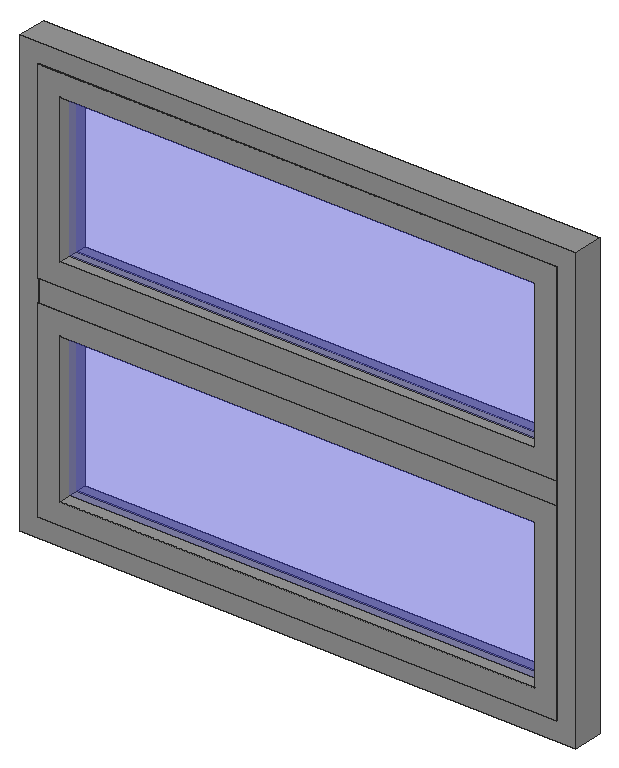
Revit family "Family14", category Windows, host Wall, Revit 2018
Family settings
  Host = Wall
  OmniClass Number = 23.30.20.00
  OmniClass Title = Windows
  Always vertical = Yes
  Cut with Voids When Loaded = No
  Shared = No
  Room Calculation Point = No
Parameters
  Window Thickness = 84 mm
  Window = White
  Visual Light Transmittance = 0.81
  URL = "www.skywardwindows.co.za"
  Thermal Resistance (R) = 0.3196 (m²·K)/W
  Telephone = "021 276 1800"
  Solar Heat Gain Coefficient = 0.76
  Manufacturer = "Skyward Windows"
  Keynote = ""
  Height = 1190 mm
  Heat Transfer Coefficient (U) = 3.1292 W/(m²·K)
  Glass = Glass
  Email Address = "info@skywardwindows.co.za"
  Default Sill Height = 800 mm
  Wall Closure = By host
  Width = 1490 mm
  Company Address = "Charles Matthews Street Atlantis 7349"
  Analytic Construction = "Double glazing - domestic"
Reference planes
  plane 1 "Center (Front/Back)": y = 0
  plane 2 "Center (Left/Right)": x = 0
  plane 3 "Left": x = -745
  plane 4 "Right": x = 745
  plane 5 "Sill": z = 800
  plane 6 "Head": z = 1990
  plane 7 "Exterior": y = 100
  plane 8 "Interior": y = -100
Forms (mm)
  Extrusion 1, solid, material "White" <- "Window"
    sketch origin (0, -100, 0) x (1, 0, 0) y (0, 0, 1)
      loop
        line (-745, 1990) -> (-745, 800) -> (745, 800) -> (745, 1990) -> (-745, 1990)
      loop
        line (-695, 850) -> (695, 850) -> (695, 1940) -> (-695, 1940) -> (-695, 850)
    from -140 to -60
  Extrusion 2, solid, material "White" <- "Window"
    sketch origin (0, -100, 0) x (1, 0, 0) y (0, 0, 1)
      loop
        line (-636, 909) -> (636, 909) -> (636, 1306) -> (-636, 1306) -> (-636, 909)
      loop
        line (-695, 1365) -> (-695, 850) -> (695, 850) -> (695, 1365) -> (-695, 1365)
      loop
        line (-695, 1940) -> (-695, 1425) -> (695, 1425) -> (695, 1940) -> (-695, 1940)
      loop
        line (-636, 1484) -> (636, 1484) -> (636, 1881) -> (-636, 1881) -> (-636, 1484)
    from -142 to -58
  Extrusion 3, solid, material "White" <- "Window"
    sketch origin (0, -100, 0) x (1, 0, 0) y (0, 0, 1)
      loop
        line (-695, 1425) -> (-695, 1365) -> (695, 1365) -> (695, 1425) -> (-695, 1425)
    from -140 to -60
  Extrusion 4, solid, material "Glass" <- "Glass"
    sketch origin (0, 0, 0) x (1, 0, 0) y (0, 1, 0)
      loop
        line (-636, -10) -> (-636, -14) -> (636, -14) -> (636, -10) -> (-636, -10)
      loop
        line (-636, 14) -> (-636, 10) -> (636, 10) -> (636, 14) -> (-636, 14)
    from 909 to 1306
  Extrusion 5, solid, material "Glass" <- "Glass"
    sketch origin (0, 0, 575) x (1, 0, 0) y (0, 1, 0)
      loop
        line (-636, -10) -> (-636, -14) -> (636, -14) -> (636, -10) -> (-636, -10)
      loop
        line (-636, 14) -> (-636, 10) -> (636, 10) -> (636, 14) -> (-636, 14)
    from 909 to 1306
Lines and regions (mm)
  Opening 1
    outline origin (3500, -100, 0) x (1, 0, 0) y (0, 0, 1)
      loop
        line (-2755, 800) -> (-2755, 1990) -> (-4245, 1990) -> (-4245, 800) -> (-2755, 800)
  model lines
    curve 1: line (0, 0, 0) -> (0, 10, 0)
    curve 2: line (0, 10, 0) -> (0, -10, 0)
Text (mm)
  text "EXTERIOR" at (-1963.203, 1332.353, 0), in view "Ref. Level"
  text "INTERIOR" at (-1981.466, -818.386, 0), in view "Ref. Level"
  text "Exterior" at (0, 923.751, 2943.296), in view "Right"
  text "Exterior" at (0, 1040.484, 2685.409), in view "Left"
Dimensions and locks
  equal spacing: plane 3 "Left", plane 2 "Center (Left/Right)", plane 4 "Right"
  "Width": plane 3 "Left" to plane 4 "Right"
  "Height": plane 5 "Sill" to plane 6 "Head"
  "Default Sill Height": plane 5 "Sill" to level
  locked: plane 7 "Exterior" to host wall at 0
  locked: plane 8 "Interior" to host wall
  "Window Thickness": Extrusion 2 to Extrusion 2
  aligned and locked: Extrusion 1 sketch curve to host wall  (x4)
Automatic sketch dimensions
  plane 3 "Left" to Opening 1 sketch curve = 0 mm
  plane 4 "Right" to Opening 1 sketch curve = 0 mm
  Opening 1 sketch curve to plane 5 "Sill" = 0 mm
  Opening 1 sketch curve to plane 6 "Head" = 0 mm
  Extrusion 1 sketch curve to plane 3 "Left" = 50 mm
  plane 4 "Right" to Extrusion 1 sketch curve = 50 mm
  Extrusion 1 sketch curve to plane 5 "Sill" = 50 mm
  plane 6 "Head" to Extrusion 1 sketch curve = 50 mm
  Extrusion 2 sketch curve to plane 3 "Left" = 50 mm  (x2)
  Extrusion 2 sketch curve to Extrusion 2 sketch curve = 59 mm  (x5)
  plane 4 "Right" to Extrusion 2 sketch curve = 109 mm  (x2)
  plane 4 "Right" to Extrusion 2 sketch curve = 50 mm  (x2)
  Extrusion 2 sketch curve to plane 5 "Sill" = 50 mm
  Extrusion 2 sketch curve to Extrusion 2 sketch curve = 397 mm
  Extrusion 2 sketch curve to Extrusion 2 sketch curve = 60 mm
  plane 6 "Head" to Extrusion 2 sketch curve = 109 mm
  plane 6 "Head" to Extrusion 2 sketch curve = 50 mm
  Extrusion 3 sketch curve to plane 3 "Left" = 50 mm
  plane 4 "Right" to Extrusion 3 sketch curve = 50 mm
  Extrusion 3 sketch curve to plane 5 "Sill" = 565 mm
  Extrusion 3 sketch curve to Extrusion 3 sketch curve = 60 mm
  curve 1 to plane 2 "Center (Left/Right)" = 0 mm
  host wall to curve 1 = 0 mm
  curve 2 to host wall = 10 mm
  host wall to curve 2 = 10 mm
  host wall to Extrusion 4 sketch curve = 10 mm
  Extrusion 4 sketch curve to plane 3 "Left" = 109 mm
  Extrusion 4 sketch curve to Extrusion 4 sketch curve = 0 mm  (x2)
  host wall to Extrusion 4 sketch curve = 14 mm
  plane 4 "Right" to Extrusion 4 sketch curve = 109 mm
  Extrusion 4 sketch curve to host wall = 10 mm
  Extrusion 4 sketch curve to Extrusion 4 sketch curve = 4 mm
  host wall to Extrusion 5 sketch curve = 10 mm
  Extrusion 5 sketch curve to plane 3 "Left" = 109 mm
  Extrusion 5 sketch curve to Extrusion 5 sketch curve = 0 mm  (x2)
  host wall to Extrusion 5 sketch curve = 14 mm
  plane 4 "Right" to Extrusion 5 sketch curve = 109 mm
  Extrusion 5 sketch curve to host wall = 10 mm
  Extrusion 5 sketch curve to Extrusion 5 sketch curve = 4 mm
